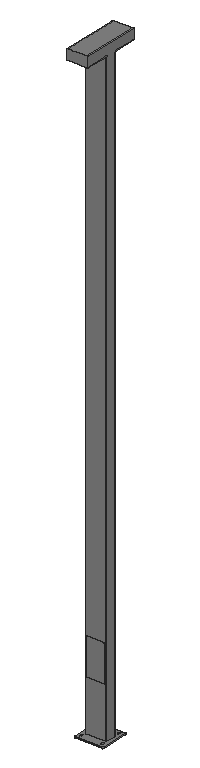
Revit family "Супремус В", category Осветительные приборы, Revit 2019 (continued)
Types (7, lengths in mm): name | Файл фотометрической сетки | built-in parameter 1150105 | Lumens | built-in parameter 1150106 | built-in parameter 1150142 | Wattage | L_общая рассеиватели | ADSK_Фактическая мощность | ADSK_Размер_Высота | ADSK_Номинальная мощность | ADSK_Наименование | ADSK_Масса_Текст | ADSK_Масса | ADSK_Артикул | 2
    6.9 135.7 134.5\r\n 133.3 132.3 131.3 130.2 129.1 127.8 126.6 125.4 124.3 123.1 122.1 121.3 120.5 119.4 118.6 117.4 116.3 115.5 114.8 113.8 112.6\r\n 111.3 110.4 109.6 108.6 107.7 106.9 106.0 105.5 104.9 104.6 104.3 104.1 104.1 104.0 103.9 103.6 103.2 102.8 102.5 102.1 101.8\r\n 101.6 100.7 99.9 99.2 98.5 97.9 97.3 96.6 96.0 95.2 94.2 93.2 92.3 91.4 90.5 89.5 88.4 87.4 86.4 84.6 82.3 79.4 76.2 72.5 68.8\r\n 63.9 58.9 53.9 49.1 44.6 41.1 38.1 35.7 33.9 32.4 30.9 29.7 28.7 27.8 26.9 26.0 25.2 24.5 23.5 22.0 20.6 19.1 17.6 16.3 14.8 13.4\r\n 11.8 10.0 8.4 7.0 6.0 5.3 4.6 3.9 3.4 3.0 2.8 2.8 2.7 2.4 2.4 2.3 2.1 1.9 1.6 1.4 1.3 1.2 1.2 1.2 0.0 0.0 0.0 0.0 0.0 0.0 0.0 0.0\r\n 0.0 0.0 0.0 0.0 0.0 0.0 0.0 0.0 0.0 0.0 0.0 0.0 0.0 0.0 0.0 0.0 0.0 0.0 0.0 0.0 0.0 0.0 0.0 0.0 0.0 0.0 0.0 0.0 0.0 0.0 0.0 0.0\r\n 0.0 0.0 0.0 0.0 0.0 0.0 0.0 0.0 0.0 0.0 0.0 0.0 0.0 0.0 0.0 0.0 0.0 0.0 0.0 0.0 0.0 0.0 0.0 0.0 0.0 0.0 0.0 0.0 0.0 0.0 0.0 0.0\r\n 0.0 0.0 0.0 0.0 0.0 0.0 0.0 0.0 0.0 0.0 0.0 0.0 0.0 0.0 0.0 0.0 0.0 0.0 0.0 0.0 0.0 0.0 0.0 0.0 0.0 0.0 0.0 0.0 0.0 0.0 0.0 0.0\r\n 0.0 0.0 0.0 0.0 0.0 0.0 0.0 0.0 0.0 0.0 0.0 0.0 0.0 0.0 0.0 0.0 0.0 0.0 0.0 0.0 0.0 0.0 0.0 0.0 0.0 0.0 0.0 0.0 0.0 0.0 0.0 0.0\r\n 0.0 0.0 0.0 0.0 0.0 0.0 0.0 0.0 0.0 0.0 0.0 0.0 0.0 0.0 0.0 0.0 0.0 0.0 0.0 0.0 0.0 0.0 0.0 0.0\r\n275.6 274.0 272.2 270.5 268.9 267.2 265.4 263.7 261.8 260.0 257.9 255.9 254.1 252.2 250.0 247.8 245.6 243.1 240.5 237.7 234.8\r\n 231.6 228.5 225.4 222.5 219.7 217.2 214.8 212.3 210.3 208.3 206.2 204.1 201.7 199.5 197.4 195.0 192.7 190.5 188.3 186.2 184.1\r\n 181.8 179.4 177.1 174.8 172.1 169.7 167.3 164.9 162.4 160.0 157.8 155.6 153.5 151.8 150.0 148.4 146.5 144.7 143.3 141.6 140.0\r\n 138.4 136.7 134.7 132.9 131.1 129.7 128.3 127.2 125.6 124.2 122.7 121.5 120.2 118.8 117.5 116.2 115.0 113.5 112.2 110.6 108.9\r\n 107.3 105.5 103.8 102.1 100.6 99.2 97.7 96.1 94.7 93.1 91.6 89.9 88.3 87.0 85.6 84.3 83.2 82.1 80.8 79.4 78.3 77.4 76.8 75.8 74.8\r\n 74.2 73.8 73.5 72.9 72.6 72.2 71.6 70.9 70.4 69.9 69.8 69.9 70.2 70.1 69.4 69.0 68.4 68.1 67.7 67.3 66.9 66.5 66.0 65.5 65.0 64.8\r\n 64.6 64.6 64.6 64.6 64.6 64.8 65.4 65.5 65.2 66.0 67.4 69.0 70.6 71.6 72.0 71.5 70.5 68.3 66.3 63.0 59.2 54.6 50.4 46.8 43.3 40.0\r\n 37.1 34.8 33.0 31.2 29.6 28.3 27.0 25.3 23.2 21.0 19.2 17.4 15.9 14.6 13.4 11.7 9.8 8.5 7.4 6.7 6.1 5.4 4.8 4.5 4.1 4.1 4.3 3.7\r\n 3.3 2.8 2.6 2.4 2.3 2.1 2.0 1.7 1.5 1.3 1.2 1.2 0.0 0.0 0.0 0.0 0.0 0.0 0.0 0.0 0.0 0.0 0.0 0.0 0.0 0.0 0.0 0.0 0.0 0.0 0.0 0.0\r\n 0.0 0.0 0.0 0.0 0.0 0.0 0.0 0.0 0.0 0.0 0.0 0.0 0.0 0.0 0.0 0.0 0.0 0.0 0.0 0.0 0.0 0.0 0.0 0.0 0.0 0.0 0.0 0.0 0.0 0.0 0.0 0.0\r\n 0.0 0.0 0.0 0.0 0.0 0.0 0.0 0.0 0.0 0.0 0.0 0.0 0.0 0.0 0.0 0.0 0.0 0.0 0.0 0.0 0.0 0.0 0.0 0.0 0.0 0.0 0.0 0.0 0.0 0.0 0.0 0.0\r\n 0.0 0.0 0.0 0.0 0.0 0.0 0.0 0.0 0.0 0.0 0.0 0.0 0.0 0.0 0.0 0.0 0.0 0.0 0.0 0.0 0.0 0.0 0.0 0.0 0.0 0.0 0.0 0.0 0.0 0.0 0.0 0.0\r\n 0.0 0.0 0.0 0.0 0.0 0.0 0.0 0.0 0.0 0.0 0.0 0.0 0.0 0.0 0.0 0.0 0.0 0.0 0.0 0.0 0.0 0.0 0.0 0.0 0.0 0.0 0.0 0.0 0.0 0.0 0.0 0.0\r\n 0.0 0.0 0.0 0.0 0.0 0.0 0.0 0.0 0.0 0.0 0.0 0.0\r\n275.6 273.8 271.9 270.1 268.3 266.4 264.5 262.7 260.5 258.5 256.5 254.5 252.3 250.1 247.8 245.3 242.5 239.6 236.4 233.1 229.7\r\n 226.3 223.1 220.1 217.3 215.0 212.7 210.3 207.8 205.3 202.8 200.0 197.4 194.5 192.0 189.6 187.4 184.8 182.1 179.8 177.1 174.4\r\n 171.5 168.6 165.4 162.4 159.2 156.1 153.1 150.4 147.7 145.4 143.3 141.2 139.4 137.4 135.6 133.9 132.4 131.1 129.6 128.1 126.6\r\n 124.8 122.9 120.9 119.1 117.2 115.3 113.2 111.1 109.1 106.9 104.7 102.3 99.8 97.6 95.3 93.2 91.0 88.9 86.8 84.8 82.8 80.9 79.0\r\n 77.2 75.4 73.6 71.8 69.9 68.3 66.3 64.4 62.5 60.8 59.2 57.8 56.4 55.2 54.2 53.3 52.4 51.5 50.9 50.4 50.0 49.5 49.0 48.8 48.5 47.7\r\n 47.1 46.8 46.8 46.7 46.7 46.8 46.8 46.3 45.7 45.2 44.5 43.9 43.4 42.9 42.4 42.0 41.7 41.4 41.1 41.1 41.1 41.4 41.6 41.8 42.2 43.1\r\n 44.5 45.8 46.8 48.9 51.1 53.6 55.4 56.8 57.8 57.5 56.5 55.1 53.9 52.9 52.0 51.1 49.9 48.5 47.3 46.3 44.9 42.9 40.6 38.1 35.7 33.2\r\n 30.2 27.6 25.5 23.6 21.9 20.4 18.9 17.6 16.4 15.1 13.8 12.0 10.6 9.8 8.8 7.5 6.6 5.9 5.4 4.9 4.6 4.7 4.5 4.1 3.9 3.3 2.8 2.6 2.5\r\n 2.5 2.5 2.3 2.2 1.7 1.6 1.4 1.3 0.0 0.0 0.0 0.0 0.0 0.0 0.0 0.0 0.0 0.0 0.0 0.0 0.0 0.0 0.0 0.0 0.0 0.0 0.0 0.0 0.0 0.0 0.0 0.0\r\n 0.0 0.0 0.0 0.0 0.0 0.0 0.0 0.0 0.0 0.0 0.0 0.0 0.0 0.0 0.0 0.0 0.0 0.0 0.0 0.0 0.0 0.0 0.0 0.0 0.0 0.0 0.0 0.0 0.0 0.0 0.0 0.0\r\n 0.0 0.0 0.0 0.0 0.0 0.0 0.0 0.0 0.0 0.0 0.0 0.0 0.0 0.0 0.0 0.0 0.0 0.0 0.0 0.0 0.0 0.0 0.0 0.0 0.0 0.0 0.0 0.0 0.0 0.0 0.0 0.0\r\n 0.0 0.0 0.0 0.0 0.0 0.0 0.0 0.0 0.0 0.0 0.0 0.0 0.0 0.0 0.0 0.0 0.0 0.0 0.0 0.0 0.0 0.0 0.0 0.0 0.0 0.0 0.0 0.0 0.0 0.0 0.0 0.0\r\n 0.0 0.0 0.0 0.0 0.0 0.0 0.0 0.0 0.0 0.0 0.0 0.0 0.0 0.0 0.0 0.0 0.0 0.0 0.0 0.0 0.0 0.0 0.0 0.0 0.0 0.0 0.0 0.0 0.0 0.0 0.0 0.0\r\n 0.0 0.0 0.0 0.0 0.0 0.0 0.0 0.0\r\n275.6 273.8 271.8 269.8 267.8 265.9 263.8 261.8 259.7 257.5 255.3 253.1 250.9 248.4 245.9 243.0 239.8 236.4 232.8 229.1 225.7\r\n 222.4 219.4 216.6 214.2 211.9 209.2 206.4 203.4 200.3 197.3 194.4 191.5 188.7 185.9 182.9 180.1 177.2 174.4 171.1 167.9 164.7\r\n 161.4 157.7 154.3 150.9 147.8 144.8 142.0 139.4 136.8 134.5 132.3 130.4 128.9 127.5 126.3 124.6 122.9 121.3 119.5 117.5 115.3\r\n 113.0 110.9 108.7 106.7 104.4 102.1 99.6 97.1 94.6 92.1 89.6 87.2 84.8 82.4 80.1 77.8 75.5 73.3 71.0 68.9 66.9 65.0 63.1 61.3\r\n 59.4 57.6 55.7 53.9 52.0 50.2 48.5 46.8 45.2 43.8 42.6 41.5 40.5 39.8 39.3 38.7 38.2 37.8 37.4 36.9 36.5 36.1 35.8 35.5 35.2 34.8\r\n 34.5 34.6 34.6 33.7 32.8 32.3 31.7 31.0 30.6 30.1 29.7 29.1 28.5 28.3 28.0 28.0 28.2 28.6 29.1 30.2 32.0 34.3 36.8 39.1 41.0 42.2\r\n 43.6 44.9 45.4 45.3 44.3 43.3 42.8 42.2 41.3 39.9 38.4 37.5 37.1 37.0 36.5 35.9 35.0 34.7 34.6 34.2 33.4 32.1 30.8 29.4 28.1 26.9\r\n 25.7 24.4 22.8 21.4 20.3 19.0 17.9 16.6 15.4 13.6 12.1 11.1 10.4 9.6 8.7 8.1 7.3 6.6 6.1 6.1 6.1 5.8 5.3 4.9 4.3 3.9 3.4 3.3 3.2\r\n 3.1 3.0 2.8 2.5 1.9 1.7 1.5 0.0 0.0 0.0 0.0 0.0 0.0 0.0 0.0 0.0 0.0 0.0 0.0 0.0 0.0 0.0 0.0 0.0 0.0 0.0 0.0 0.0 0.0 0.0 0.0 0.0\r\n 0.0 0.0 0.0 0.0 0.0 0.0 0.0 0.0 0.0 0.0 0.0 0.0 0.0 0.0 0.0 0.0 0.0 0.0 0.0 0.0 0.0 0.0 0.0 0.0 0.0 0.0 0.0 0.0 0.0 0.0 0.0 0.0\r\n 0.0 0.0 0.0 0.0 0.0 0.0 0.0 0.0 0.0 0.0 0.0 0.0 0.0 0.0 0.0 0.0 0.0 0.0 0.0 0.0 0.0 0.0 0.0 0.0 0.0 0.0 0.0 0.0 0.0 0.0 0.0 0.0\r\n 0.0 0.0 0.0 0.0 0.0 0.0 0.0 0.0 0.0 0.0 0.0 0.0 0.0 0.0 0.0 0.0 0.0 0.0 0.0 0.0 0.0 0.0 0.0 0.0 0.0 0.0 0.0 0.0 0.0 0.0 0.0 0.0\r\n 0.0 0.0 0.0 0.0 0.0 0.0 0.0 0.0 0.0 0.0 0.0 0.0 0.0 0.0 0.0 0.0 0.0 0.0 0.0 0.0 0.0 0.0 0.0 0.0 0.0 0.0 0.0 0.0 0.0 0.0 0.0 0.0\r\n 0.0 0.0 0.0 0.0 0.0 0.0 0.0\r\n275.6 273.7 271.5 269.3 267.2 265.1 262.9 260.7 258.5 256.4 254.1 251.7 249.3 246.7 243.6 240.3 236.7 232.7 228.9 225.4 222.1\r\n 219.0 216.4 213.9 211.2 208.3 205.2 201.9 198.5 195.2 192.1 189.0 185.9 182.8 179.5 176.2 172.6 169.2 165.6 161.8 157.9 154.1\r\n 150.4 147.0 143.9 140.9 138.0 135.3 132.8 130.5 128.6 126.9 125.4 123.7 121.9 120.2 118.2 116.3 114.3 112.0 109.5 107.0 104.2\r\n 101.3 98.7 95.9 93.3 90.8 88.3 86.0 83.7 81.6 79.5 77.4 75.3 73.3 71.2 69.1 67.2 65.3 63.4 61.6 59.8 58.0 56.2 54.3 52.4 50.6\r\n 48.7 46.9 45.3 43.7 42.1 40.7 39.6 38.7 37.8 37.2 36.7 36.3 36.0 35.8 35.6 35.3 35.0 34.7 34.3 34.1 33.9 33.4 33.0 33.0 33.1 33.0\r\n 32.2 31.1 30.0 29.1 28.3 27.7 27.2 26.7 26.4 26.3 26.4 26.5 26.8 27.7 29.1 31.0 32.8 35.1 37.8 41.2 43.8 44.9 43.8 43.4 42.9 42.6\r\n 42.3 41.8 40.4 39.2 38.8 37.8 37.2 36.2 35.5 34.6 33.5 33.1 32.9 32.3 31.7 31.3 30.9 30.8 30.6 30.5 29.5 28.4 27.2 26.4 25.6 25.0\r\n 24.3 23.1 22.1 20.9 19.8 18.8 17.8 15.9 14.4 13.3 12.5 11.6 10.7 9.7 8.9 8.1 7.5 7.4 7.7 7.4 7.0 6.2 5.9 5.3 4.9 4.4 4.1 3.9 3.7\r\n 3.6 3.5 3.4 3.0 2.0 1.9 0.0 0.0 0.0 0.0 0.0 0.0 0.0 0.0 0.0 0.0 0.0 0.0 0.0 0.0 0.0 0.0 0.0 0.0 0.0 0.0 0.0 0.0 0.0 0.0 0.0 0.0\r\n 0.0 0.0 0.0 0.0 0.0 0.0 0.0 0.0 0.0 0.0 0.0 0.0 0.0 0.0 0.0 0.0 0.0 0.0 0.0 0.0 0.0 0.0 0.0 0.0 0.0 0.0 0.0 0.0 0.0 0.0 0.0 0.0\r\n 0.0 0.0 0.0 0.0 0.0 0.0 0.0 0.0 0.0 0.0 0.0 0.0 0.0 0.0 0.0 0.0 0.0 0.0 0.0 0.0 0.0 0.0 0.0 0.0 0.0 0.0 0.0 0.0 0.0 0.0 0.0 0.0\r\n 0.0 0.0 0.0 0.0 0.0 0.0 0.0 0.0 0.0 0.0 0.0 0.0 0.0 0.0 0.0 0.0 0.0 0.0 0.0 0.0 0.0 0.0 0.0 0.0 0.0 0.0 0.0 0.0 0.0 0.0 0.0 0.0\r\n 0.0 0.0 0.0 0.0 0.0 0.0 0.0 0.0 0.0 0.0 0.0 0.0 0.0 0.0 0.0 0.0 0.0 0.0 0.0 0.0 0.0 0.0 0.0 0.0 0.0 0.0 0.0 0.0 0.0 0.0 0.0 0.0\r\n 0.0 0.0 0.0 0.0 0.0 0.0\r\n275.6 273.5 271.2 269.1 266.8 264.5 262.4 260.1 257.8 255.4 253.0 250.6 248.0 245.0 241.9 238.1 234.1 230.1 226.3 222.9 219.9\r\n 217.1 214.4 211.4 208.4 205.1 201.6 198.2 194.6 191.2 187.9 184.5 181.2 177.8 173.8 170.1 166.2 162.1 157.8 153.6 149.6 146.0\r\n 142.5 139.3 136.4 133.4 130.8 128.6 126.8 124.9 123.0 121.3 119.4 117.4 115.6 113.7 111.6 109.3 106.7 103.7 100.5 97.2 94.0 90.8\r\n 88.0 85.5 83.1 80.7 78.5 76.5 74.7 72.8 71.0 69.1 67.1 65.2 63.2 61.5 59.7 57.9 56.0 54.2 52.5 51.0 49.3 47.7 46.2 44.8 43.4 42.2\r\n 41.0 39.8 38.7 38.0 37.3 36.8 36.3 36.0 35.8 35.9 35.9 35.6 35.5 35.3 35.0 34.7 34.6 34.0 33.6 33.7 33.8 33.7 32.9 31.7 30.7 30.0\r\n 29.5 28.8 28.4 28.0 28.0 28.0 28.2 28.8 29.7 31.0 32.7 34.7 37.4 40.0 42.5 45.1 46.5 45.5 44.3 43.2 43.1 43.3 43.8 44.2 44.0 43.2\r\n 42.7 42.6 42.1 41.4 40.8 39.8 39.1 38.4 38.0 37.8 37.5 36.9 36.1 35.2 34.7 34.4 34.3 34.4 33.8 32.6 31.3 29.6 28.5 27.9 26.7 25.7\r\n 24.2 23.0 21.9 20.9 18.8 16.3 15.0 14.2 13.2 12.3 11.5 10.6 9.9 9.2 8.6 8.7 8.8 8.2 7.7 6.9 6.6 6.0 5.8 5.3 4.8 4.6 4.2 4.1 4.1\r\n 3.9 3.9 3.2 2.3 0.0 0.0 0.0 0.0 0.0 0.0 0.0 0.0 0.0 0.0 0.0 0.0 0.0 0.0 0.0 0.0 0.0 0.0 0.0 0.0 0.0 0.0 0.0 0.0 0.0 0.0 0.0 0.0\r\n 0.0 0.0 0.0 0.0 0.0 0.0 0.0 0.0 0.0 0.0 0.0 0.0 0.0 0.0 0.0 0.0 0.0 0.0 0.0 0.0 0.0 0.0 0.0 0.0 0.0 0.0 0.0 0.0 0.0 0.0 0.0 0.0\r\n 0.0 0.0 0.0 0.0 0.0 0.0 0.0 0.0 0.0 0.0 0.0 0.0 0.0 0.0 0.0 0.0 0.0 0.0 0.0 0.0 0.0 0.0 0.0 0.0 0.0 0.0 0.0 0.0 0.0 0.0 0.0 0.0\r\n 0.0 0.0 0.0 0.0 0.0 0.0 0.0 0.0 0.0 0.0 0.0 0.0 0.0 0.0 0.0 0.0 0.0 0.0 0.0 0.0 0.0 0.0 0.0 0.0 0.0 0.0 0.0 0.0 0.0 0.0 0.0 0.0\r\n 0.0 0.0 0.0 0.0 0.0 0.0 0.0 0.0 0.0 0.0 0.0 0.0 0.0 0.0 0.0 0.0 0.0 0.0 0.0 0.0 0.0 0.0 0.0 0.0 0.0 0.0 0.0 0.0 0.0 0.0 0.0 0.0\r\n 0.0 0.0 0.0 0.0\r\n275.6 273.4 271.1 268.8 266.6 264.1 261.9 259.6 257.1 254.7 252.1 249.6 246.8 243.5 239.9 235.9 231.6 227.6 223.9 220.8 217.9\r\n 215.3 212.2 208.9 205.5 201.8 198.2 194.8 191.1 187.4 183.7 180.1 176.2 172.3 168.2 163.8 159.1 154.5 150.3 146.3 142.7 139.3\r\n 136.2 133.1 130.4 128.1 125.8 123.8 121.9 119.7 117.7 115.7 113.7 111.8 109.5 107.0 104.4 101.2 98.0 94.8 91.7 88.6 85.6 82.9\r\n 80.5 78.3 76.1 74.1 72.2 70.4 68.5 66.6 64.6 62.7 60.7 59.0 57.3 55.6 53.8 52.2 50.5 49.0 47.5 46.1 44.7 43.4 42.2 41.0 39.9 38.8\r\n 37.9 37.0 36.6 36.2 35.8 35.6 35.5 35.6 35.7 35.7 35.7 35.9 35.8 35.6 35.5 35.2 35.0 35.0 34.9 34.6 34.0 33.0 32.0 31.2 30.6 30.0\r\n 29.5 29.3 29.1 29.3 29.7 30.5 31.8 33.3 34.7 36.8 39.2 41.8 44.0 45.9 47.4 48.4 47.9 47.1 47.0 47.4 48.0 48.5 48.6 48.5 48.4 48.0\r\n 48.1 47.9 47.2 46.3 45.2 43.9 42.7 41.8 41.1 40.4 39.6 38.8 38.3 37.8 37.4 36.9 36.5 36.2 35.2 33.7 32.5 31.3 30.2 29.0 28.4 26.9\r\n 25.6 24.5 23.6 21.7 19.2 17.4 16.2 15.1 14.1 13.1 12.1 11.1 10.1 9.6 9.7 9.4 9.2 8.5 7.9 7.4 7.1 6.5 6.3 6.3 5.8 5.4 5.1 4.8 4.7\r\n 4.5 4.4 4.3 3.0 0.0 0.0 0.0 0.0 0.0 0.0 0.0 0.0 0.0 0.0 0.0 0.0 0.0 0.0 0.0 0.0 0.0 0.0 0.0 0.0 0.0 0.0 0.0 0.0 0.0 0.0 0.0 0.0\r\n 0.0 0.0 0.0 0.0 0.0 0.0 0.0 0.0 0.0 0.0 0.0 0.0 0.0 0.0 0.0 0.0 0.0 0.0 0.0 0.0 0.0 0.0 0.0 0.0 0.0 0.0 0.0 0.0 0.0 0.0 0.0 0.0\r\n 0.0 0.0 0.0 0.0 0.0 0.0 0.0 0.0 0.0 0.0 0.0 0.0 0.0 0.0 0.0 0.0 0.0 0.0 0.0 0.0 0.0 0.0 0.0 0.0 0.0 0.0 0.0 0.0 0.0 0.0 0.0 0.0\r\n 0.0 0.0 0.0 0.0 0.0 0.0 0.0 0.0 0.0 0.0 0.0 0.0 0.0 0.0 0.0 0.0 0.0 0.0 0.0 0.0 0.0 0.0 0.0 0.0 0.0 0.0 0.0 0.0 0.0 0.0 0.0 0.0\r\n 0.0 0.0 0.0 0.0 0.0 0.0 0.0 0.0 0.0 0.0 0.0 0.0 0.0 0.0 0.0 0.0 0.0 0.0 0.0 0.0 0.0 0.0 0.0 0.0 0.0 0.0 0.0 0.0 0.0 0.0 0.0 0.0\r\n 0.0 0.0 0.0 0.0\r\n275.6 273.4 270.9 268.6 266.3 263.8 261.4 259.0 256.7 254.0 251.6 248.9 245.7 242.4 238.5 234.3 230.1 226.0 222.6 219.5 216.9\r\n 213.8 210.6 207.1 203.3 199.5 195.9 192.3 188.5 184.6 180.8 176.7 172.6 168.3 163.5 158.7 153.9 149.6 145.3 141.7 138.2 134.8\r\n 131.9 129.3 127.2 124.8 122.4 120.0 117.7 115.5 113.4 111.1 108.9 106.6 103.8 100.9 97.8 94.7 91.5 88.5 85.5 82.5 79.7 77.4 75.2\r\n 73.3 71.4 69.5 67.6 65.7 63.9 62.0 60.2 58.5 56.8 55.2 53.6 52.0 50.5 49.1 47.6 46.3 45.0 43.7 42.4 41.4 40.2 39.1 38.1 37.2 36.6\r\n 36.2 36.0 35.9 35.9 35.9 35.9 35.8 35.8 36.1 36.3 36.2 36.0 35.9 35.8 35.9 35.5 35.3 35.1 34.5 33.6 32.7 32.0 31.3 30.8 30.4 30.2\r\n 30.3 30.7 31.3 32.0 32.8 33.4 34.6 36.4 38.5 41.2 44.2 47.3 49.9 52.2 53.0 52.6 52.5 53.0 53.8 54.6 54.8 54.7 54.2 53.8 53.2 52.6\r\n 51.4 50.2 48.7 46.9 45.6 44.9 44.2 43.7 43.1 42.8 42.3 41.8 41.4 40.5 39.3 38.5 37.8 36.9 35.5 34.2 32.9 31.8 30.9 29.8 28.1 26.7\r\n 25.4 23.7 21.0 18.2 16.7 15.7 14.5 13.5 12.6 11.7 11.0 10.2 10.1 10.1 10.1 9.8 9.1 8.2 7.5 7.5 6.9 7.2 7.3 6.6 6.1 5.7 5.4 5.2\r\n 5.0 4.9 4.8 4.3 0.0 0.0 0.0 0.0 0.0 0.0 0.0 0.0 0.0 0.0 0.0 0.0 0.0 0.0 0.0 0.0 0.0 0.0 0.0 0.0 0.0 0.0 0.0 0.0 0.0 0.0 0.0 0.0\r\n 0.0 0.0 0.0 0.0 0.0 0.0 0.0 0.0 0.0 0.0 0.0 0.0 0.0 0.0 0.0 0.0 0.0 0.0 0.0 0.0 0.0 0.0 0.0 0.0 0.0 0.0 0.0 0.0 0.0 0.0 0.0 0.0\r\n 0.0 0.0 0.0 0.0 0.0 0.0 0.0 0.0 0.0 0.0 0.0 0.0 0.0 0.0 0.0 0.0 0.0 0.0 0.0 0.0 0.0 0.0 0.0 0.0 0.0 0.0 0.0 0.0 0.0 0.0 0.0 0.0\r\n 0.0 0.0 0.0 0.0 0.0 0.0 0.0 0.0 0.0 0.0 0.0 0.0 0.0 0.0 0.0 0.0 0.0 0.0 0.0 0.0 0.0 0.0 0.0 0.0 0.0 0.0 0.0 0.0 0.0 0.0 0.0 0.0\r\n 0.0 0.0 0.0 0.0 0.0 0.0 0.0 0.0 0.0 0.0 0.0 0.0 0.0 0.0 0.0 0.0 0.0 0.0 0.0 0.0 0.0 0.0 0.0 0.0 0.0 0.0 0.0 0.0 0.0 0.0 0.0 0.0\r\n 0.0 0.0 0.0 0.0\r\n275.6 273.1 271.0 268.4 266.0 263.6 261.0 258.8 256.1 253.4 250.9 248.0 244.7 241.1 237.0 232.6 228.4 224.7 221.3 218.4 215.6\r\n 212.4 208.9 205.2 201.2 197.6 193.6 189.9 186.1 182.1 177.6 173.4 168.5 163.8 158.8 154.1 149.5 145.2 141.4 137.8 134.4 131.4\r\n 128.6 126.2 123.8 121.5 119.1 116.9 114.5 112.2 109.6 107.1 104.4 101.6 98.9 95.9 93.0 89.8 86.8 83.8 80.9 78.2 75.7 73.4 71.4\r\n 69.4 67.3 65.3 63.3 61.5 59.8 58.1 56.5 55.0 53.4 51.9 50.5 49.0 47.7 46.4 45.2 44.0 42.8 41.8 40.8 39.8 38.9 38.0 37.3 36.8 36.4\r\n 36.3 36.2 36.4 36.4 36.2 36.1 36.4 36.8 37.0 36.8 36.8 36.7 36.5 36.3 36.0 36.0 35.9 35.3 34.5 33.7 33.0 32.2 31.6 31.5 31.3 31.5\r\n 31.7 32.1 32.5 32.9 33.7 34.8 36.7 39.1 41.9 46.0 49.7 53.2 56.2 58.0 58.5 59.2 60.2 61.0 61.4 61.0 60.2 59.3 58.6 58.1 56.5 55.1\r\n 53.9 52.4 50.7 49.5 48.7 47.6 46.8 46.3 45.7 45.1 44.3 43.4 42.5 41.5 40.7 40.0 39.2 37.8 36.3 34.6 33.3 31.9 30.5 28.9 27.6 26.6\r\n 25.0 22.4 19.1 16.9 15.7 14.7 13.8 12.9 12.2 11.4 10.6 10.1 9.9 9.7 9.9 9.4 8.6 8.0 7.3 7.2 6.7 7.3 7.5 6.7 6.5 5.9 5.3 5.0 4.9\r\n 4.9 5.0 5.0 0.0 0.0 0.0 0.0 0.0 0.0 0.0 0.0 0.0 0.0 0.0 0.0 0.0 0.0 0.0 0.0 0.0 0.0 0.0 0.0 0.0 0.0 0.0 0.0 0.0 0.0 0.0 0.0 0.0\r\n 0.0 0.0 0.0 0.0 0.0 0.0 0.0 0.0 0.0 0.0 0.0 0.0 0.0 0.0 0.0 0.0 0.0 0.0 0.0 0.0 0.0 0.0 0.0 0.0 0.0 0.0 0.0 0.0 0.0 0.0 0.0 0.0\r\n 0.0 0.0 0.0 0.0 0.0 0.0 0.0 0.0 0.0 0.0 0.0 0.0 0.0 0.0 0.0 0.0 0.0 0.0 0.0 0.0 0.0 0.0 0.0 0.0 0.0 0.0 0.0 0.0 0.0 0.0 0.0 0.0\r\n 0.0 0.0 0.0 0.0 0.0 0.0 0.0 0.0 0.0 0.0 0.0 0.0 0.0 0.0 0.0 0.0 0.0 0.0 0.0 0.0 0.0 0.0 0.0 0.0 0.0 0.0 0.0 0.0 0.0 0.0 0.0 0.0\r\n 0.0 0.0 0.0 0.0 0.0 0.0 0.0 0.0 0.0 0.0 0.0 0.0 0.0 0.0 0.0 0.0 0.0 0.0 0.0 0.0 0.0 0.0 0.0 0.0 0.0 0.0 0.0 0.0 0.0 0.0 0.0 0.0\r\n 0.0 0.0 0.0\r\n275.6 273.3 270.8 268.4 265.9 263.4 260.8 258.5 255.8 253.2 250.5 247.7 244.4 240.6 236.2 231.9 227.7 223.9 220.7 217.7 214.8\r\n 211.5 208.0 204.2 200.3 196.4 192.6 188.6 184.5 180.5 175.9 171.2 166.1 161.1 156.3 151.6 147.2 143.0 139.3 135.6 132.5 129.6\r\n 126.9 124.3 121.6 119.4 117.1 114.7 112.2 109.6 106.8 103.9 101.0 98.3 95.5 92.7 89.8 86.8 83.9 81.1 78.4 75.9 73.6 71.4 69.2\r\n 67.0 65.0 63.0 61.1 59.3 57.8 56.2 54.7 53.2 51.7 50.3 48.9 47.5 46.3 45.1 44.0 43.0 42.0 41.1 40.2 39.3 38.5 37.7 37.4 37.0 36.7\r\n 36.5 36.6 36.7 36.5 36.4 36.7 37.1 37.4 37.5 37.5 37.4 37.1 36.8 36.3 36.3 36.6 36.3 35.9 35.0 34.4 33.6 32.9 32.7 32.4 32.3 32.4\r\n 32.3 32.6 33.2 33.9 34.9 36.3 38.3 41.0 44.5 48.9 53.2 57.3 60.8 63.7 65.2 66.7 67.9 68.2 67.4 66.2 64.5 62.8 61.5 60.8 59.2 57.1\r\n 55.4 54.3 53.6 52.6 51.7 50.5 50.0 49.3 48.5 47.6 46.8 46.0 45.0 44.1 43.4 42.5 41.6 40.0 38.4 36.5 34.7 33.2 32.3 30.6 29.3 28.5\r\n 26.3 23.0 19.4 17.2 16.0 15.0 14.0 13.2 12.4 11.4 10.1 9.5 9.4 9.6 9.9 9.
